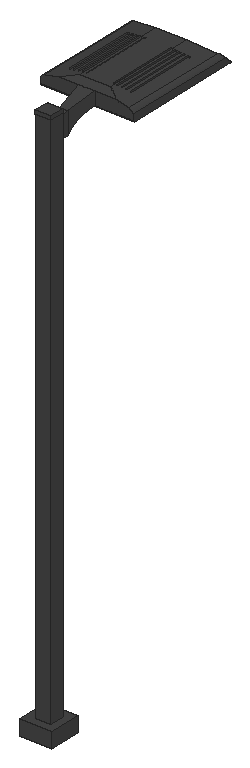
Revit family "ALT180", category Lighting Fixtures, Revit 2014 (continued)
Definition of nested family "ALT"
  Forms (in)
    Extrusion 75, solid, material <- "LED Driver"
      sketch origin (0.10205, -179.89764, 31.22483) x (-0.866025, 0, -0.5) y (0, 1, 0)
        loop
          arc (6.05585, 185.56694) -> (5.87786, 185.00357) -> (5.5006, 184.54888) r 1.53777
          line (5.5006, 184.54888) -> (6.75322, 184.54888)
          arc (6.75322, 184.54888) -> (6.96846, 185.03619) -> (7.01439, 185.56694) r 1.62363
          line (7.01439, 185.56694) -> (6.05585, 185.56694)
      from 1.98786 to 4.1619
    Extrusion 76, solid, material "Glass - Hubbell -  Lens" <- "Glass Material"
      sketch origin (43.40653, -172.92664, 47.48396) x (-0.179871, 0.978148, -0.104278) y (-0.501549, 0, 0.865129)
        loop
          line (184.54888, 5.42074) -> (184.41762, 5.28947) -> (184.32071, 5.38637)
          arc (184.32071, 5.38637) -> (184.26716, 5.04574) -> (184.32071, 4.70511) r 1.11021
          line (184.32071, 4.70511) -> (184.41762, 4.80201) -> (184.54888, 4.67074) -> (184.54888, 5.42074)
        loop
          line (184.54888, 3.8381) -> (184.54888, 4.62942) -> (184.41038, 4.49092) -> (184.30814, 4.59316)
          arc (184.30814, 4.59316) -> (184.25164, 4.23376) -> (184.30814, 3.87436) r 1.17138
          line (184.30814, 3.87436) -> (184.41038, 3.9766) -> (184.54888, 3.8381)
      from -14.15361 to -13.40215
    Extrusion 77, solid, material <- "LED Driver"
      sketch origin (-2.01141, -179.89764, 31.22483) x (-0.866025, 0, -0.5) y (0, 1, 0)
        loop
          arc (6.05585, 185.56694) -> (5.87786, 185.00357) -> (5.5006, 184.54888) r 1.53777
          line (5.5006, 184.54888) -> (6.75322, 184.54888)
          arc (6.75322, 184.54888) -> (6.96846, 185.03619) -> (7.01439, 185.56694) r 1.62363
          line (7.01439, 185.56694) -> (6.05585, 185.56694)
      from 1.98786 to 4.1619
    Extrusion 78, solid, material "Glass - Hubbell -  Lens" <- "Glass Material"
      sketch origin (41.29307, -172.92664, 47.48396) x (-0.179871, 0.978148, -0.104278) y (-0.501549, 0, 0.865129)
        loop
          line (184.54888, 5.42074) -> (184.41762, 5.28947) -> (184.32071, 5.38637)
          arc (184.32071, 5.38637) -> (184.26716, 5.04574) -> (184.32071, 4.70511) r 1.11021
          line (184.32071, 4.70511) -> (184.41762, 4.80201) -> (184.54888, 4.67074) -> (184.54888, 5.42074)
        loop
          line (184.54888, 3.8381) -> (184.54888, 4.62942) -> (184.41038, 4.49092) -> (184.30814, 4.59316)
          arc (184.30814, 4.59316) -> (184.25164, 4.23376) -> (184.30814, 3.87436) r 1.17138
          line (184.30814, 3.87436) -> (184.41038, 3.9766) -> (184.54888, 3.8381)
      from -14.15361 to -13.40215
    Extrusion 79, solid, material <- "LED Driver"
      sketch origin (-4.27522, -179.89764, 31.22483) x (-0.866025, 0, -0.5) y (0, 1, 0)
        loop
          arc (6.05585, 185.56694) -> (5.87786, 185.00357) -> (5.5006, 184.54888) r 1.53777
          line (5.5006, 184.54888) -> (6.75322, 184.54888)
          arc (6.75322, 184.54888) -> (6.96846, 185.03619) -> (7.01439, 185.56694) r 1.62363
          line (7.01439, 185.56694) -> (6.05585, 185.56694)
      from 1.98786 to 4.1619
    Extrusion 80, solid, material "Glass - Hubbell -  Lens" <- "Glass Material"
      sketch origin (39.02926, -172.92664, 47.48396) x (-0.179871, 0.978148, -0.104278) y (-0.501549, 0, 0.865129)
        loop
          line (184.54888, 5.42074) -> (184.41762, 5.28947) -> (184.32071, 5.38637)
          arc (184.32071, 5.38637) -> (184.26716, 5.04574) -> (184.32071, 4.70511) r 1.11021
          line (184.32071, 4.70511) -> (184.41762, 4.80201) -> (184.54888, 4.67074) -> (184.54888, 5.42074)
        loop
          line (184.54888, 3.8381) -> (184.54888, 4.62942) -> (184.41038, 4.49092) -> (184.30814, 4.59316)
          arc (184.30814, 4.59316) -> (184.25164, 4.23376) -> (184.30814, 3.87436) r 1.17138
          line (184.30814, 3.87436) -> (184.41038, 3.9766) -> (184.54888, 3.8381)
      from -14.15361 to -13.40215
    Extrusion 81, solid, material <- "LED Driver"
      sketch origin (0.10205, -179.89764, 34.22483) x (-0.866025, 0, -0.5) y (0, 1, 0)
        loop
          arc (6.05585, 185.56694) -> (5.87786, 185.00357) -> (5.5006, 184.54888) r 1.53777
          line (5.5006, 184.54888) -> (6.75322, 184.54888)
          arc (6.75322, 184.54888) -> (6.96846, 185.03619) -> (7.01439, 185.56694) r 1.62363
          line (7.01439, 185.56694) -> (6.05585, 185.56694)
      from 1.98786 to 4.1619
    Extrusion 82, solid, material "Glass - Hubbell -  Lens" <- "Glass Material"
      sketch origin (43.40653, -172.92664, 50.48396) x (-0.179871, 0.978148, -0.104278) y (-0.501549, 0, 0.865129)
        loop
          line (184.54888, 5.42074) -> (184.41762, 5.28947) -> (184.32071, 5.38637)
          arc (184.32071, 5.38637) -> (184.26716, 5.04574) -> (184.32071, 4.70511) r 1.11021
          line (184.32071, 4.70511) -> (184.41762, 4.80201) -> (184.54888, 4.67074) -> (184.54888, 5.42074)
        loop
          line (184.54888, 3.8381) -> (184.54888, 4.62942) -> (184.41038, 4.49092) -> (184.30814, 4.59316)
          arc (184.30814, 4.59316) -> (184.25164, 4.23376) -> (184.30814, 3.87436) r 1.17138
          line (184.30814, 3.87436) -> (184.41038, 3.9766) -> (184.54888, 3.8381)
      from -14.15361 to -13.40215
    Extrusion 83, solid, material <- "LED Driver"
      sketch origin (-2.01141, -179.89764, 34.22483) x (-0.866025, 0, -0.5) y (0, 1, 0)
        loop
          arc (6.05585, 185.56694) -> (5.87786, 185.00357) -> (5.5006, 184.54888) r 1.53777
          line (5.5006, 184.54888) -> (6.75322, 184.54888)
          arc (6.75322, 184.54888) -> (6.96846, 185.03619) -> (7.01439, 185.56694) r 1.62363
          line (7.01439, 185.56694) -> (6.05585, 185.56694)
      from 1.98786 to 4.1619
    Extrusion 84, solid, material "Glass - Hubbell -  Lens" <- "Glass Material"
      sketch origin (41.29307, -172.92664, 50.48396) x (-0.179871, 0.978148, -0.104278) y (-0.501549, 0, 0.865129)
        loop
          line (184.54888, 5.42074) -> (184.41762, 5.28947) -> (184.32071, 5.38637)
          arc (184.32071, 5.38637) -> (184.26716, 5.04574) -> (184.32071, 4.70511) r 1.11021
          line (184.32071, 4.70511) -> (184.41762, 4.80201) -> (184.54888, 4.67074) -> (184.54888, 5.42074)
        loop
          line (184.54888, 3.8381) -> (184.54888, 4.62942) -> (184.41038, 4.49092) -> (184.30814, 4.59316)
          arc (184.30814, 4.59316) -> (184.25164, 4.23376) -> (184.30814, 3.87436) r 1.17138
          line (184.30814, 3.87436) -> (184.41038, 3.9766) -> (184.54888, 3.8381)
      from -14.15361 to -13.40215
    Extrusion 85, solid, material <- "LED Driver"
      sketch origin (-4.27522, -179.89764, 34.22483) x (-0.866025, 0, -0.5) y (0, 1, 0)
        loop
          arc (6.05585, 185.56694) -> (5.87786, 185.00357) -> (5.5006, 184.54888) r 1.53777
          line (5.5006, 184.54888) -> (6.75322, 184.54888)
          arc (6.75322, 184.54888) -> (6.96846, 185.03619) -> (7.01439, 185.56694) r 1.62363
          line (7.01439, 185.56694) -> (6.05585, 185.56694)
      from 1.98786 to 4.1619
    Extrusion 86, solid, material "Glass - Hubbell -  Lens" <- "Glass Material"
      sketch origin (39.02926, -172.92664, 50.48396) x (-0.179871, 0.978148, -0.104278) y (-0.501549, 0, 0.865129)
        loop
          line (184.54888, 5.42074) -> (184.41762, 5.28947) -> (184.32071, 5.38637)
          arc (184.32071, 5.38637) -> (184.26716, 5.04574) -> (184.32071, 4.70511) r 1.11021
          line (184.32071, 4.70511) -> (184.41762, 4.80201) -> (184.54888, 4.67074) -> (184.54888, 5.42074)
        loop
          line (184.54888, 3.8381) -> (184.54888, 4.62942) -> (184.41038, 4.49092) -> (184.30814, 4.59316)
          arc (184.30814, 4.59316) -> (184.25164, 4.23376) -> (184.30814, 3.87436) r 1.17138
          line (184.30814, 3.87436) -> (184.41038, 3.9766) -> (184.54888, 3.8381)
      from -14.15361 to -13.40215
    Extrusion 87, solid, material <- "LED Driver"
      sketch origin (0.10205, -179.89764, 37.47483) x (-0.866025, 0, -0.5) y (0, 1, 0)
        loop
          arc (6.05585, 185.56694) -> (5.87786, 185.00357) -> (5.5006, 184.54888) r 1.53777
          line (5.5006, 184.54888) -> (6.75322, 184.54888)
          arc (6.75322, 184.54888) -> (6.96846, 185.03619) -> (7.01439, 185.56694) r 1.62363
          line (7.01439, 185.56694) -> (6.05585, 185.56694)
      from 1.98786 to 4.1619
    Extrusion 88, solid, material "Glass - Hubbell -  Lens" <- "Glass Material"
      sketch origin (43.40653, -172.92664, 53.73396) x (-0.179871, 0.978148, -0.104278) y (-0.501549, 0, 0.865129)
        loop
          line (184.54888, 5.42074) -> (184.41762, 5.28947) -> (184.32071, 5.38637)
          arc (184.32071, 5.38637) -> (184.26716, 5.04574) -> (184.32071, 4.70511) r 1.11021
          line (184.32071, 4.70511) -> (184.41762, 4.80201) -> (184.54888, 4.67074) -> (184.54888, 5.42074)
        loop
          line (184.54888, 3.8381) -> (184.54888, 4.62942) -> (184.41038, 4.49092) -> (184.30814, 4.59316)
          arc (184.30814, 4.59316) -> (184.25164, 4.23376) -> (184.30814, 3.87436) r 1.17138
          line (184.30814, 3.87436) -> (184.41038, 3.9766) -> (184.54888, 3.8381)
      from -14.15361 to -13.40215
    Extrusion 89, solid, material <- "LED Driver"
      sketch origin (-2.01141, -179.89764, 37.47483) x (-0.866025, 0, -0.5) y (0, 1, 0)
        loop
          arc (6.05585, 185.56694) -> (5.87786, 185.00357) -> (5.5006, 184.54888) r 1.53777
          line (5.5006, 184.54888) -> (6.75322, 184.54888)
          arc (6.75322, 184.54888) -> (6.96846, 185.03619) -> (7.01439, 185.56694) r 1.62363
          line (7.01439, 185.56694) -> (6.05585, 185.56694)
      from 1.98786 to 4.1619
    Extrusion 90, solid, material "Glass - Hubbell -  Lens" <- "Glass Material"
      sketch origin (41.29307, -172.92664, 53.73396) x (-0.179871, 0.978148, -0.104278) y (-0.501549, 0, 0.865129)
        loop
          line (184.54888, 5.42074) -> (184.41762, 5.28947) -> (184.32071, 5.38637)
          arc (184.32071, 5.38637) -> (184.26716, 5.04574) -> (184.32071, 4.70511) r 1.11021
          line (184.32071, 4.70511) -> (184.41762, 4.80201) -> (184.54888, 4.67074) -> (184.54888, 5.42074)
        loop
          line (184.54888, 3.8381) -> (184.54888, 4.62942) -> (184.41038, 4.49092) -> (184.30814, 4.59316)
          arc (184.30814, 4.59316) -> (184.25164, 4.23376) -> (184.30814, 3.87436) r 1.17138
          line (184.30814, 3.87436) -> (184.41038, 3.9766) -> (184.54888, 3.8381)
      from -14.15361 to -13.40215
    Extrusion 91, solid, material <- "LED Driver"
      sketch origin (-4.27522, -179.89764, 37.47483) x (-0.866025, 0, -0.5) y (0, 1, 0)
        loop
          arc (6.05585, 185.56694) -> (5.87786, 185.00357) -> (5.5006, 184.54888) r 1.53777
          line (5.5006, 184.54888) -> (6.75322, 184.54888)
          arc (6.75322, 184.54888) -> (6.96846, 185.03619) -> (7.01439, 185.56694) r 1.62363
          line (7.01439, 185.56694) -> (6.05585, 185.56694)
      from 1.98786 to 4.1619
    Extrusion 92, solid, material "Glass - Hubbell -  Lens" <- "Glass Material"
      sketch origin (39.02926, -172.92664, 53.73396) x (-0.179871, 0.978148, -0.104278) y (-0.501549, 0, 0.865129)
        loop
          line (184.54888, 5.42074) -> (184.41762, 5.28947) -> (184.32071, 5.38637)
          arc (184.32071, 5.38637) -> (184.26716, 5.04574) -> (184.32071, 4.70511) r 1.11021
          line (184.32071, 4.70511) -> (184.41762, 4.80201) -> (184.54888, 4.67074) -> (184.54888, 5.42074)
        loop
          line (184.54888, 3.8381) -> (184.54888, 4.62942) -> (184.41038, 4.49092) -> (184.30814, 4.59316)
          arc (184.30814, 4.59316) -> (184.25164, 4.23376) -> (184.30814, 3.87436) r 1.17138
          line (184.30814, 3.87436) -> (184.41038, 3.9766) -> (184.54888, 3.8381)
      from -14.15361 to -13.40215
    Extrusion 93, solid, material <- "LED Driver"
      sketch origin (-6.4693, -179.89764, 27.07377) x (-0.866025, 0, -0.5) y (0, 1, 0)
        loop
          arc (6.05585, 185.56694) -> (5.87786, 185.00357) -> (5.5006, 184.54888) r 1.53777
          line (5.5006, 184.54888) -> (6.75322, 184.54888)
          arc (6.75322, 184.54888) -> (6.96846, 185.03619) -> (7.01439, 185.56694) r 1.62363
          line (7.01439, 185.56694) -> (6.05585, 185.56694)
      from 1.98786 to 4.1619
    Extrusion 94, solid, material "Glass - Hubbell -  Lens" <- "Glass Material"
      sketch origin (36.83519, -172.92664, 43.3329) x (-0.179871, 0.978148, -0.104278) y (-0.501549, 0, 0.865129)
        loop
          line (184.54888, 5.42074) -> (184.41762, 5.28947) -> (184.32071, 5.38637)
          arc (184.32071, 5.38637) -> (184.26716, 5.04574) -> (184.32071, 4.70511) r 1.11021
          line (184.32071, 4.70511) -> (184.41762, 4.80201) -> (184.54888, 4.67074) -> (184.54888, 5.42074)
        loop
          line (184.54888, 3.8381) -> (184.54888, 4.62942) -> (184.41038, 4.49092) -> (184.30814, 4.59316)
          arc (184.30814, 4.59316) -> (184.25164, 4.23376) -> (184.30814, 3.87436) r 1.17138
          line (184.30814, 3.87436) -> (184.41038, 3.9766) -> (184.54888, 3.8381)
      from -14.15361 to -13.40215
    Extrusion 95, solid, material <- "LED Driver"
      sketch origin (-6.4693, -179.89764, 30.32377) x (-0.866025, 0, -0.5) y (0, 1, 0)
        loop
          arc (6.05585, 185.56694) -> (5.87786, 185.00357) -> (5.5006, 184.54888) r 1.53777
          line (5.5006, 184.54888) -> (6.75322, 184.54888)
          arc (6.75322, 184.54888) -> (6.96846, 185.03619) -> (7.01439, 185.56694) r 1.62363
          line (7.01439, 185.56694) -> (6.05585, 185.56694)
      from 1.98786 to 4.1619
    Extrusion 96, solid, material "Glass - Hubbell -  Lens" <- "Glass Material"
      sketch origin (36.83519, -172.92664, 46.5829) x (-0.179871, 0.978148, -0.104278) y (-0.501549, 0, 0.865129)
        loop
          line (184.54888, 5.42074) -> (184.41762, 5.28947) -> (184.32071, 5.38637)
          arc (184.32071, 5.38637) -> (184.26716, 5.04574) -> (184.32071, 4.70511) r 1.11021
          line (184.32071, 4.70511) -> (184.41762, 4.80201) -> (184.54888, 4.67074) -> (184.54888, 5.42074)
        loop
          line (184.54888, 3.8381) -> (184.54888, 4.62942) -> (184.41038, 4.49092) -> (184.30814, 4.59316)
          arc (184.30814, 4.59316) -> (184.25164, 4.23376) -> (184.30814, 3.87436) r 1.17138
          line (184.30814, 3.87436) -> (184.41038, 3.9766) -> (184.54888, 3.8381)
      from -14.15361 to -13.40215
    Extrusion 97, solid, material <- "LED Driver"
      sketch origin (-6.4693, -179.89764, 33.32377) x (-0.866025, 0, -0.5) y (0, 1, 0)
        loop
          arc (6.05585, 185.56694) -> (5.87786, 185.00357) -> (5.5006, 184.54888) r 1.53777
          line (5.5006, 184.54888) -> (6.75322, 184.54888)
          arc (6.75322, 184.54888) -> (6.96846, 185.03619) -> (7.01439, 185.56694) r 1.62363
          line (7.01439, 185.56694) -> (6.05585, 185.56694)
      from 1.98786 to 4.1619
    Extrusion 98, solid, material "Glass - Hubbell -  Lens" <- "Glass Material"
      sketch origin (36.83519, -172.92664, 49.5829) x (-0.179871, 0.978148, -0.104278) y (-0.501549, 0, 0.865129)
        loop
          line (184.54888, 5.42074) -> (184.41762, 5.28947) -> (184.32071, 5.38637)
          arc (184.32071, 5.38637) -> (184.26716, 5.04574) -> (184.32071, 4.70511) r 1.11021
          line (184.32071, 4.70511) -> (184.41762, 4.80201) -> (184.54888, 4.67074) -> (184.54888, 5.42074)
        loop
          line (184.54888, 3.8381) -> (184.54888, 4.62942) -> (184.41038, 4.49092) -> (184.30814, 4.59316)
          arc (184.30814, 4.59316) -> (184.25164, 4.23376) -> (184.30814, 3.87436) r 1.17138
          line (184.30814, 3.87436) -> (184.41038, 3.9766) -> (184.54888, 3.8381)
      from -14.15361 to -13.40215
    Extrusion 99, solid, material <- "LED Driver"
      sketch origin (-6.4693, -179.89764, 36.57377) x (-0.866025, 0, -0.5) y (0, 1, 0)
        loop
          arc (6.05585, 185.56694) -> (5.87786, 185.00357) -> (5.5006, 184.54888) r 1.53777
          line (5.5006, 184.54888) -> (6.75322, 184.54888)
          arc (6.75322, 184.54888) -> (6.96846, 185.03619) -> (7.01439, 185.56694) r 1.62363
          line (7.01439, 185.56694) -> (6.05585, 185.56694)
      from 1.98786 to 4.1619
    Extrusion 100, solid, material "Glass - Hubbell -  Lens" <- "Glass Material"
      sketch origin (36.83519, -172.92664, 52.8329) x (-0.179871, 0.978148, -0.104278) y (-0.501549, 0, 0.865129)
        loop
          line (184.54888, 5.42074) -> (184.41762, 5.28947) -> (184.32071, 5.38637)
          arc (184.32071, 5.38637) -> (184.26716, 5.04574) -> (184.32071, 4.70511) r 1.11021
          line (184.32071, 4.70511) -> (184.41762, 4.80201) -> (184.54888, 4.67074) -> (184.54888, 5.42074)
        loop
          line (184.54888, 3.8381) -> (184.54888, 4.62942) -> (184.41038, 4.49092) -> (184.30814, 4.59316)
          arc (184.30814, 4.59316) -> (184.25164, 4.23376) -> (184.30814, 3.87436) r 1.17138
          line (184.30814, 3.87436) -> (184.41038, 3.9766) -> (184.54888, 3.8381)
      from -14.15361 to -13.40215
  Cuts and joins
    Extrusion 5, Extrusion 6, Extrusion 8, Extrusion 13, Extrusion 16 cuts Extrusion 2
    Extrusion 5, Extrusion 8, Extrusion 16 cuts Extrusion 3
    Extrusion 5, Extrusion 8, Extrusion 16 cuts Extrusion 4
    joined: Extrusion 2, Extrusion 3, Extrusion 4
  Dimensions and locks (in)
    locked: plane 6 to plane 2 at 2
    locked: plane 6 to plane 7 at 7.75
    Extrusion 5 sketch curve to plane 3 "Center (Left/Right)" = 1.00"
    locked: plane 8 to plane 4 at 0.5
    plane 9 to plane 7 = 11.625"
    plane 7 to plane 6 to plane 2 = 7.75", 2.00"
    plane 10 to plane 7 = 32.50"
    aligned and locked: plane 2 to Extrusion 1
    aligned and locked: Extrusion 5 to plane 5
    aligned and locked: plane 1 "Center (Front/Back)" to Extrusion 5
    aligned and locked: plane 1 "Center (Front/Back)" to Extrusion 4
    aligned and locked: plane 4 to Extrusion 6
  Connectors (in)
    electrical at (-2.04767, 2.71619, 0), driven by "Load Classification", driven by "Voltage", driven by "Description"
      settings: on cut or joined group of Extrusion 2, Extrusion 3, Extrusion 4, Extrusion 5, Extrusion 6, Extrusion 8, Extrusion 13, Extrusion 16, index 1, voltage 120 V, apparent load 0 VA, apparent load phase1 0 VA, apparent load phase2 0 VA, apparent load phase3 0 VA, power factor 1, load classification "Lighting", number of poles 1, system type 30, power factor state 1, is connector primary yes, connector utility no, sub classification motor no, connector description "The ultimate in LED luminaire design featuring innovative engineering, thermal management and unique patented1 PicoPrism optics"
